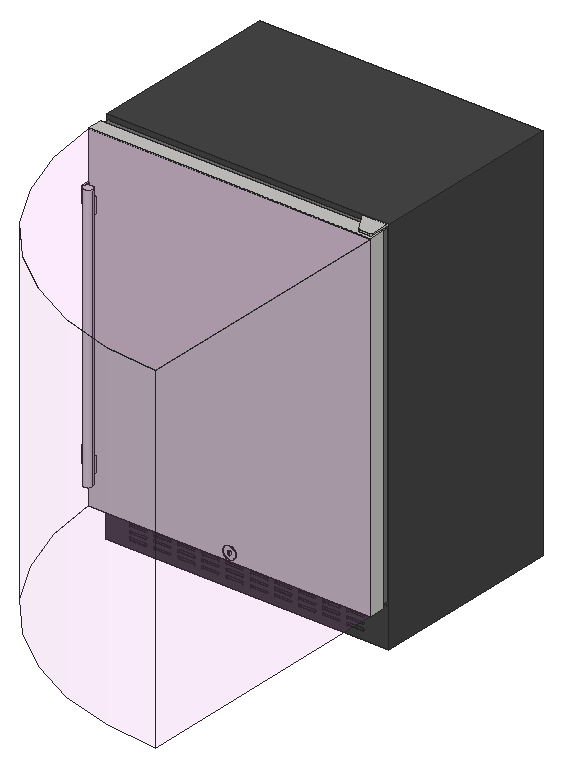
Revit family "QF_Summit_ASDS2413_ADA_Compliant_All_Refrigerator", category Specialty Equipment, Revit 2020
Family settings
  Round Connector Dimension = Use Diameter
  Part Type = Normal
  Work Plane-Based = No
  Always vertical = Yes
  Cut with Voids When Loaded = No
  Shared = No
  Room Calculation Point = No
Parameters
  Weight in Pounds = 79
  Watts = if(Phase = 3, Volts * FL Amps * 1.73, Volts * FL Amps)  # 115 W
  Volts = 115 V
  URL Cutsheet = ""
  Specification by User = ""
  Specification by Manufacturer = ""
  Show RHD [instance] = yes
  Show LHD [instance] = not(Show RHD)  # no
  Show Kickplate Extension [instance] = no
  Show Feet [instance] = not(Show Kickplate Extension)  # yes
  Show Clearance [instance] = yes
  Serial Number = ""
  Seismic Rating = ""
  SMACNA No = ""
  Revision Code = ""
  Phase = 1
  Number of Poles = 1
  NAFEM Spec ID Number = ""
  Model = "ASDS2413"
  Min Ckt Ampacity = 0 A
  Max Overcurrent Protection = 0 A
  Masterspec = ""
  Manufacturer = "Summit"
  Length = 23 3/8"
  Item Number = ""
  Installed By = ""
  Identify Quantity as Lot = yes
  Height = 32"
  HP = ""
  Furnished By = ""
  Foodservice Equipment Identifier = yes
  FL Amps = 1 A
  Electrical Remarks = ""
  Electric Connection Type = ""
  Elec Conn RI Height = 0"
  Elec Conn Connection Height = 0"
  Description = "ADA Compliant All-Refrigerator"
  Depth = 17 3/4"
  Default Elevation = 0"
  Cycle = 60 Hz
  Conn Plug = ""
  Conn Conduit = yes
  CSI MasterFormat = ""
  Base Height [instance] = if(Show Feet, 1/2", if(Show Kickplate Extension, 2", 1/2"))  # 1/2"
  Apparent Power = if(Phase = 3, Volts * FL Amps * 1.73, Volts * FL Amps)  # 115 VA
Reference planes (in)
  plane 1 "BACK": y = 0
  plane 2: z = 0
  plane 3 "LEFT": x = 0
  plane 4 "RIGHT": x = 23.375
  plane 5 "FRONT": y = -17.75
  plane 6 "TOP": z = 32
  plane 7 "Center Y": x = 11.6875
  plane 8 "Center X": y = -8.875
  plane 9 "Base Height": z = 0.5
  plane 10: y = -40
  plane 11: y = -15.875
  plane 12: y = -19.75
  plane 13: z = 3.75
  plane 14: y = -16.5
Forms (in)
  Extrusion 1, solid, material "QF_Metal_Black"
    sketch origin (0, 0, 0.5) x (-1, 0, 0) y (0, -1, 0)
      loop
        line (0, 0) -> (0, 15.875) -> (-23.375, 15.875) -> (-23.375, 0) -> (0, 0)
    from 0 to 31.5
  Extrusion 2, solid, material "QF_Metal - Stainless - Polished"
    sketch origin (23.375, -15.875, 0.5) x (-1, 0, 0) y (0, 0, -1)
      loop
        line (23.375, -31.3125) -> (23.375, -3.25) -> (0, -3.25) -> (0, -31.3125) -> (23.375, -31.3125)
    from 0.625 to 1.875
  Extrusion 3, solid, material "QF_Rubber - Black - Smooth"
    sketch origin (23.375, -15.875, 0.5) x (-1, 0, 0) y (0, 0, -1)
      loop
        line (23.1875, -3.4375) -> (0.1875, -3.4375) -> (0.1875, -31.125) -> (23.1875, -31.125) -> (23.1875, -3.4375)
    from 0 to 0.625
  Extrusion 4, solid, material "QF_Metal - Stainless - Polished", visible <- "Show RHD"
    sketch origin (0, 0, 32) x (-1, 0, 0) y (0, -1, 0)
      loop
        line (-21.17783, 15.875) -> (-22.21339, 17.50301)
        arc (-22.21339, 17.50301) -> (-22.25887, 17.54662) -> (-22.31985, 17.5625) r 0.125
        line (-22.31985, 17.5625) -> (-23.125, 17.5625)
        arc (-23.125, 17.5625) -> (-23.21339, 17.52589) -> (-23.25, 17.4375) r 0.125
        line (-23.25, 17.4375) -> (-23.25, 15.875) -> (-21.17783, 15.875)
    from 0 to -0.125
  Extrusion 5, solid, material "QF_Metal - Stainless - Polished"
    sketch origin (27.75, -17.75, 0.5) x (-1, 0, 0) y (0, 0, -1)
      loop
        circle (16.0625, -3.885) r 0.5
      loop
        arc (16.08679, -4.07097) -> (16.25011, -3.88507) -> (16.08679, -3.69917) r 0.18746
        line (16.08679, -3.69917) -> (16.08679, -4.07097)
      loop
        line (16.03731, -4.07069) -> (16.03731, -3.69923)
        arc (16.03731, -3.69923) -> (15.8752, -3.88496) -> (16.03731, -4.07069) r 0.18745
    from -0.0625 to 0
  Extrusion 6, solid, material "QF_Rubber - Black - Smooth"
    sketch origin (0, 0, 0.5) x (1, 0, 0) y (0, 0, -1)
      loop
        circle (20.375, -1.80244) r 0.25
    from 0 to 0.0625
  Revolve 7, solid, material "QF_Metal - Stainless - Polished", visible <- "Show Feet"
    sketch origin (0.26375, -1.6875, 0) x (1, 0, 0) y (0, 0, 1)
      loop
        line (21.67311, 0.5) -> (21.48561, 0.5) -> (21.48561, 0.375) -> (21.10713, 0.375)
        arc (21.10713, 0.375) -> (21.06898, 0.35732) -> (21.05781, 0.31678) r 0.05
        line (21.05781, 0.31678) -> (21.10365, 0.04178)
        arc (21.10365, 0.04178) -> (21.12065, 0.01185) -> (21.15297, 0) r 0.05
        line (21.15297, 0) -> (21.67311, 0) -> (21.67311, 0.5)
      axis (21.67311, 0) -> (21.67311, 0.5)
    angle from 0 to 360
  Revolve 8, solid, material "QF_Metal - Stainless - Polished", visible <- "Show Feet"
    sketch origin (0.26375, -14.3125, 0) x (1, 0, 0) y (0, 0, 1)
      loop
        line (21.67311, 0.5) -> (21.48561, 0.5) -> (21.48561, 0.375) -> (21.10713, 0.375)
        arc (21.10713, 0.375) -> (21.06898, 0.35732) -> (21.05781, 0.31678) r 0.05
        line (21.05781, 0.31678) -> (21.10365, 0.04178)
        arc (21.10365, 0.04178) -> (21.12065, 0.01185) -> (21.15297, 0) r 0.05
        line (21.15297, 0) -> (21.67311, 0) -> (21.67311, 0.5)
      axis (21.67311, 0) -> (21.67311, 0.5)
    angle from 0 to 360
  Revolve 9, solid, material "QF_Metal - Stainless - Polished", visible <- "Show Feet"
    sketch origin (-11.61061, -1.6875, 0) x (1, 0, 0) y (0, 0, 1)
      loop
        line (13.04811, 0.5) -> (12.86061, 0.5) -> (12.86061, 0.375) -> (12.48213, 0.375)
        arc (12.48213, 0.375) -> (12.44398, 0.35732) -> (12.43281, 0.31678) r 0.05
        line (12.43281, 0.31678) -> (12.47865, 0.04178)
        arc (12.47865, 0.04178) -> (12.49565, 0.01185) -> (12.52797, 0) r 0.05
        line (12.52797, 0) -> (13.04811, 0) -> (13.04811, 0.5)
      axis (13.04811, 0) -> (13.04811, 0.5)
    angle from 0 to 360
  Revolve 10, solid, material "QF_Metal - Stainless - Polished", visible <- "Show Feet"
    sketch origin (-11.61061, -14.3125, 0) x (1, 0, 0) y (0, 0, 1)
      loop
        line (13.04811, 0.5) -> (12.86061, 0.5) -> (12.86061, 0.375) -> (12.48213, 0.375)
        arc (12.48213, 0.375) -> (12.44398, 0.35732) -> (12.43281, 0.31678) r 0.05
        line (12.43281, 0.31678) -> (12.47865, 0.04178)
        arc (12.47865, 0.04178) -> (12.49565, 0.01185) -> (12.52797, 0) r 0.05
        line (12.52797, 0) -> (13.04811, 0) -> (13.04811, 0.5)
      axis (13.04811, 0) -> (13.04811, 0.5)
    angle from 0 to 360
  Extrusion 11, solid, material "QF_Clearances_Door_Drawer", visible <- "Show RHD"
    sketch origin (0, 0, 0.5) x (-1, 0, 0) y (0, -1, 0)
      loop
        arc (-0.01397, 17.75) -> (-7.21692, 33.57611) -> (-23.375, 39.99987) r 23.28521
        line (-23.375, 39.99987) -> (-23.375, 17.75) -> (-0.01397, 17.75)
    from 3.25 to 31.25
  Extrusion 12, solid, material "QF_Metal_Black"
    sketch origin (23.375, -15.875, 0.5) x (-1, 0, 0) y (0, 0, -1)
      loop
        line (23.375, -3.25) -> (23.375, 0) -> (0, 0) -> (0, -3.25) -> (23.375, -3.25)
      loop
        arc (2.0625, -2.625) -> (1.9375, -2.75) -> (2.0625, -2.875) r 0.125
        line (2.0625, -2.875) -> (3.3125, -2.875)
        arc (3.3125, -2.875) -> (3.4375, -2.75) -> (3.3125, -2.625) r 0.125
        line (3.3125, -2.625) -> (2.0625, -2.625)
      loop
        arc (2.0625, -2.125) -> (1.9375, -2.25) -> (2.0625, -2.375) r 0.125
        line (2.0625, -2.375) -> (3.3125, -2.375)
        arc (3.3125, -2.375) -> (3.4375, -2.25) -> (3.3125, -2.125) r 0.125
        line (3.3125, -2.125) -> (2.0625, -2.125)
      loop
        arc (2.0625, -1.625) -> (1.9375, -1.75) -> (2.0625, -1.875) r 0.125
        line (2.0625, -1.875) -> (3.3125, -1.875)
        arc (3.3125, -1.875) -> (3.4375, -1.75) -> (3.3125, -1.625) r 0.125
        line (3.3125, -1.625) -> (2.0625, -1.625)
      loop
        arc (2.0625, -1.125) -> (1.9375, -1.25) -> (2.0625, -1.375) r 0.125
        line (2.0625, -1.375) -> (3.3125, -1.375)
        arc (3.3125, -1.375) -> (3.4375, -1.25) -> (3.3125, -1.125) r 0.125
        line (3.3125, -1.125) -> (2.0625, -1.125)
      loop
        arc (2.0625, -0.625) -> (1.9375, -0.75) -> (2.0625, -0.875) r 0.125
        line (2.0625, -0.875) -> (3.3125, -0.875)
        arc (3.3125, -0.875) -> (3.4375, -0.75) -> (3.3125, -0.625) r 0.125
        line (3.3125, -0.625) -> (2.0625, -0.625)
      loop
        arc (4.0625, -2.625) -> (3.9375, -2.75) -> (4.0625, -2.875) r 0.125
        line (4.0625, -2.875) -> (5.3125, -2.875)
        arc (5.3125, -2.875) -> (5.4375, -2.75) -> (5.3125, -2.625) r 0.125
        line (5.3125, -2.625) -> (4.0625, -2.625)
      loop
        arc (4.0625, -2.125) -> (3.9375, -2.25) -> (4.0625, -2.375) r 0.125
        line (4.0625, -2.375) -> (5.3125, -2.375)
        arc (5.3125, -2.375) -> (5.4375, -2.25) -> (5.3125, -2.125) r 0.125
        line (5.3125, -2.125) -> (4.0625, -2.125)
      loop
        arc (4.0625, -1.625) -> (3.9375, -1.75) -> (4.0625, -1.875) r 0.125
        line (4.0625, -1.875) -> (5.3125, -1.875)
        arc (5.3125, -1.875) -> (5.4375, -1.75) -> (5.3125, -1.625) r 0.125
        line (5.3125, -1.625) -> (4.0625, -1.625)
      loop
        arc (4.0625, -1.125) -> (3.9375, -1.25) -> (4.0625, -1.375) r 0.125
        line (4.0625, -1.375) -> (5.3125, -1.375)
        arc (5.3125, -1.375) -> (5.4375, -1.25) -> (5.3125, -1.125) r 0.125
        line (5.3125, -1.125) -> (4.0625, -1.125)
      loop
        arc (4.0625, -0.625) -> (3.9375, -0.75) -> (4.0625, -0.875) r 0.125
        line (4.0625, -0.875) -> (5.3125, -0.875)
        arc (5.3125, -0.875) -> (5.4375, -0.75) -> (5.3125, -0.625) r 0.125
        line (5.3125, -0.625) -> (4.0625, -0.625)
      loop
        arc (6.0625, -2.625) -> (5.9375, -2.75) -> (6.0625, -2.875) r 0.125
        line (6.0625, -2.875) -> (7.3125, -2.875)
        arc (7.3125, -2.875) -> (7.4375, -2.75) -> (7.3125, -2.625) r 0.125
        line (7.3125, -2.625) -> (6.0625, -2.625)
      loop
        arc (6.0625, -2.125) -> (5.9375, -2.25) -> (6.0625, -2.375) r 0.125
        line (6.0625, -2.375) -> (7.3125, -2.375)
        arc (7.3125, -2.375) -> (7.4375, -2.25) -> (7.3125, -2.125) r 0.125
        line (7.3125, -2.125) -> (6.0625, -2.125)
      loop
        arc (6.0625, -1.625) -> (5.9375, -1.75) -> (6.0625, -1.875) r 0.125
        line (6.0625, -1.875) -> (7.3125, -1.875)
        arc (7.3125, -1.875) -> (7.4375, -1.75) -> (7.3125, -1.625) r 0.125
        line (7.3125, -1.625) -> (6.0625, -1.625)
      loop
        arc (6.0625, -1.125) -> (5.9375, -1.25) -> (6.0625, -1.375) r 0.125
        line (6.0625, -1.375) -> (7.3125, -1.375)
        arc (7.3125, -1.375) -> (7.4375, -1.25) -> (7.3125, -1.125) r 0.125
        line (7.3125, -1.125) -> (6.0625, -1.125)
      loop
        arc (6.0625, -0.625) -> (5.9375, -0.75) -> (6.0625, -0.875) r 0.125
        line (6.0625, -0.875) -> (7.3125, -0.875)
        arc (7.3125, -0.875) -> (7.4375, -0.75) -> (7.3125, -0.625) r 0.125
        line (7.3125, -0.625) -> (6.0625, -0.625)
      loop
        arc (8.0625, -2.625) -> (7.9375, -2.75) -> (8.0625, -2.875) r 0.125
        line (8.0625, -2.875) -> (9.3125, -2.875)
        arc (9.3125, -2.875) -> (9.4375, -2.75) -> (9.3125, -2.625) r 0.125
        line (9.3125, -2.625) -> (8.0625, -2.625)
      loop
        arc (8.0625, -2.125) -> (7.9375, -2.25) -> (8.0625, -2.375) r 0.125
        line (8.0625, -2.375) -> (9.3125, -2.375)
        arc (9.3125, -2.375) -> (9.4375, -2.25) -> (9.3125, -2.125) r 0.125
        line (9.3125, -2.125) -> (8.0625, -2.125)
      loop
        arc (8.0625, -1.625) -> (7.9375, -1.75) -> (8.0625, -1.875) r 0.125
        line (8.0625, -1.875) -> (9.3125, -1.875)
        arc (9.3125, -1.875) -> (9.4375, -1.75) -> (9.3125, -1.625) r 0.125
        line (9.3125, -1.625) -> (8.0625, -1.625)
      loop
        arc (8.0625, -1.125) -> (7.9375, -1.25) -> (8.0625, -1.375) r 0.125
        line (8.0625, -1.375) -> (9.3125, -1.375)
        arc (9.3125, -1.375) -> (9.4375, -1.25) -> (9.3125, -1.125) r 0.125
        line (9.3125, -1.125) -> (8.0625, -1.125)
      loop
        arc (8.0625, -0.625) -> (7.9375, -0.75) -> (8.0625, -0.875) r 0.125
        line (8.0625, -0.875) -> (9.3125, -0.875)
        arc (9.3125, -0.875) -> (9.4375, -0.75) -> (9.3125, -0.625) r 0.125
        line (9.3125, -0.625) -> (8.0625, -0.625)
      loop
        arc (10.0625, -2.625) -> (9.9375, -2.75) -> (10.0625, -2.875) r 0.125
        line (10.0625, -2.875) -> (11.3125, -2.875)
        arc (11.3125, -2.875) -> (11.4375, -2.75) -> (11.3125, -2.625) r 0.125
        line (11.3125, -2.625) -> (10.0625, -2.625)
      loop
        arc (10.0625, -2.125) -> (9.9375, -2.25) -> (10.0625, -2.375) r 0.125
        line (10.0625, -2.375) -> (11.3125, -2.375)
        arc (11.3125, -2.375) -> (11.4375, -2.25) -> (11.3125, -2.125) r 0.125
        line (11.3125, -2.125) -> (10.0625, -2.125)
      loop
        arc (10.0625, -1.625) -> (9.9375, -1.75) -> (10.0625, -1.875) r 0.125
        line (10.0625, -1.875) -> (11.3125, -1.875)
        arc (11.3125, -1.875) -> (11.4375, -1.75) -> (11.3125, -1.625) r 0.125
        line (11.3125, -1.625) -> (10.0625, -1.625)
      loop
        arc (10.0625, -1.125) -> (9.9375, -1.25) -> (10.0625, -1.375) r 0.125
        line (10.0625, -1.375) -> (11.3125, -1.375)
        arc (11.3125, -1.375) -> (11.4375, -1.25) -> (11.3125, -1.125) r 0.125
        line (11.3125, -1.125) -> (10.0625, -1.125)
      loop
        arc (10.0625, -0.625) -> (9.9375, -0.75) -> (10.0625, -0.875) r 0.125
        line (10.0625, -0.875) -> (11.3125, -0.875)
        arc (11.3125, -0.875) -> (11.4375, -0.75) -> (11.3125, -0.625) r 0.125
        line (11.3125, -0.625) -> (10.0625, -0.625)
      loop
        arc (12.0625, -2.625) -> (11.9375, -2.75) -> (12.0625, -2.875) r 0.125
        line (12.0625, -2.875) -> (13.3125, -2.875)
        arc (13.3125, -2.875) -> (13.4375, -2.75) -> (13.3125, -2.625) r 0.125
        line (13.3125, -2.625) -> (12.0625, -2.625)
      loop
        arc (12.0625, -2.125) -> (11.9375, -2.25) -> (12.0625, -2.375) r 0.125
        line (12.0625, -2.375) -> (13.3125, -2.375)
        arc (13.3125, -2.375) -> (13.4375, -2.25) -> (13.3125, -2.125) r 0.125
        line (13.3125, -2.125) -> (12.0625, -2.125)
      loop
        arc (12.0625, -1.625) -> (11.9375, -1.75) -> (12.0625, -1.875) r 0.125
        line (12.0625, -1.875) -> (13.3125, -1.875)
        arc (13.3125, -1.875) -> (13.4375, -1.75) -> (13.3125, -1.625) r 0.125
        line (13.3125, -1.625) -> (12.0625, -1.625)
      loop
        arc (12.0625, -1.125) -> (11.9375, -1.25) -> (12.0625, -1.375) r 0.125
        line (12.0625, -1.375) -> (13.3125, -1.375)
        arc (13.3125, -1.375) -> (13.4375, -1.25) -> (13.3125, -1.125) r 0.125
        line (13.3125, -1.125) -> (12.0625, -1.125)
      loop
        arc (12.0625, -0.625) -> (11.9375, -0.75) -> (12.0625, -0.875) r 0.125
        line (12.0625, -0.875) -> (13.3125, -0.875)
        arc (13.3125, -0.875) -> (13.4375, -0.75) -> (13.3125, -0.625) r 0.125
        line (13.3125, -0.625) -> (12.0625, -0.625)
      loop
        arc (14.0625, -2.625) -> (13.9375, -2.75) -> (14.0625, -2.875) r 0.125
        line (14.0625, -2.875) -> (15.3125, -2.875)
        arc (15.3125, -2.875) -> (15.4375, -2.75) -> (15.3125, -2.625) r 0.125
        line (15.3125, -2.625) -> (14.0625, -2.625)
      loop
        arc (14.0625, -2.125) -> (13.9375, -2.25) -> (14.0625, -2.375) r 0.125
        line (14.0625, -2.375) -> (15.3125, -2.375)
        arc (15.3125, -2.375) -> (15.4375, -2.25) -> (15.3125, -2.125) r 0.125
        line (15.3125, -2.125) -> (14.0625, -2.125)
      loop
        arc (14.0625, -1.625) -> (13.9375, -1.75) -> (14.0625, -1.875) r 0.125
        line (14.0625, -1.875) -> (15.3125, -1.875)
        arc (15.3125, -1.875) -> (15.4375, -1.75) -> (15.3125, -1.625) r 0.125
        line (15.3125, -1.625) -> (14.0625, -1.625)
      loop
        arc (14.0625, -1.125) -> (13.9375, -1.25) -> (14.0625, -1.375) r 0.125
        line (14.0625, -1.375) -> (15.3125, -1.375)
        arc (15.3125, -1.375) -> (15.4375, -1.25) -> (15.3125, -1.125) r 0.125
        line (15.3125, -1.125) -> (14.0625, -1.125)
      loop
        arc (14.0625, -0.625) -> (13.9375, -0.75) -> (14.0625, -0.875) r 0.125
        line (14.0625, -0.875) -> (15.3125, -0.875)
        arc (15.3125, -0.875) -> (15.4375, -0.75) -> (15.3125, -0.625) r 0.125
        line (15.3125, -0.625) -> (14.0625, -0.625)
      loop
        arc (16.0625, -2.625) -> (15.9375, -2.75) -> (16.0625, -2.875) r 0.125
        line (16.0625, -2.875) -> (17.3125, -2.875)
        arc (17.3125, -2.875) -> (17.4375, -2.75) -> (17.3125, -2.625) r 0.125
        line (17.3125, -2.625) -> (16.0625, -2.625)
      loop
        arc (16.0625, -2.125) -> (15.9375, -2.25) -> (16.0625, -2.375) r 0.125
        line (16.0625, -2.375) -> (17.3125, -2.375)
        arc (17.3125, -2.375) -> (17.4375, -2.25) -> (17.3125, -2.125) r 0.125
        line (17.3125, -2.125) -> (16.0625, -2.125)
      loop
        arc (16.0625, -1.625) -> (15.9375, -1.75) -> (16.0625, -1.875) r 0.125
        line (16.0625, -1.875) -> (17.3125, -1.875)
        arc (17.3125, -1.875) -> (17.4375, -1.75) -> (17.3125, -1.625) r 0.125
        line (17.3125, -1.625) -> (16.0625, -1.625)
      loop
        arc (16.0625, -1.125) -> (15.9375, -1.25) -> (16.0625, -1.375) r 0.125
        line (16.0625, -1.375) -> (17.3125, -1.375)
        arc (17.3125, -1.375) -> (17.4375, -1.25) -> (17.3125, -1.125) r 0.125
        line (17.3125, -1.125) -> (16.0625, -1.125)
      loop
        arc (16.0625, -0.625) -> (15.9375, -0.75) -> (16.0625, -0.875) r 0.125
        line (16.0625, -0.875) -> (17.3125, -0.875)
        arc (17.3125, -0.875) -> (17.4375, -0.75) -> (17.3125, -0.625) r 0.125
        line (17.3125, -0.625) -> (16.0625, -0.625)
      loop
        arc (18.0625, -2.625) -> (17.9375, -2.75) -> (18.0625, -2.875) r 0.125
        line (18.0625, -2.875) -> (19.3125, -2.875)
        arc (19.3125, -2.875) -> (19.4375, -2.75) -> (19.3125, -2.625) r 0.125
        line (19.3125, -2.625) -> (18.0625, -2.625)
      loop
        arc (18.0625, -2.125) -> (17.9375, -2.25) -> (18.0625, -2.375) r 0.125
        line (18.0625, -2.375) -> (19.3125, -2.375)
        arc (19.3125, -2.375) -> (19.4375, -2.25) -> (19.3125, -2.125) r 0.125
        line (19.3125, -2.125) -> (18.0625, -2.125)
      loop
        arc (18.0625, -1.625) -> (17.9375, -1.75) -> (18.0625, -1.875) r 0.125
        line (18.0625, -1.875) -> (19.3125, -1.875)
        arc (19.3125, -1.875) -> (19.4375, -1.75) -> (19.3125, -1.625) r 0.125
        line (19.3125, -1.625) -> (18.0625, -1.625)
      loop
        arc (18.0625, -1.125) -> (17.9375, -1.25) -> (18.0625, -1.375) r 0.125
        line (18.0625, -1.375) -> (19.3125, -1.375)
        arc (19.3125, -1.375) -> (19.4375, -1.25) -> (19.3125, -1.125) r 0.125
        line (19.3125, -1.125) -> (18.0625, -1.125)
      loop
        arc (18.0625, -0.625) -> (17.9375, -0.75) -> (18.0625, -0.875) r 0.125
        line (18.0625, -0.875) -> (19.3125, -0.875)
        arc (19.3125, -0.875) -> (19.4375, -0.75) -> (19.3125, -0.625) r 0.125
        line (19.3125, -0.625) -> (18.0625, -0.625)
      loop
        arc (20.0625, -2.625) -> (19.9375, -2.75) -> (20.0625, -2.875) r 0.125
        line (20.0625, -2.875) -> (21.3125, -2.875)
        arc (21.3125, -2.875) -> (21.4375, -2.75) -> (21.3125, -2.625) r 0.125
        line (21.3125, -2.625) -> (20.0625, -2.625)
      loop
        arc (20.0625, -2.125) -> (19.9375, -2.25) -> (20.0625, -2.375) r 0.125
        line (20.0625, -2.375) -> (21.3125, -2.375)
        arc (21.3125, -2.375) -> (21.4375, -2.25) -> (21.3125, -2.125) r 0.125
        line (21.3125, -2.125) -> (20.0625, -2.125)
      loop
        arc (20.0625, -1.625) -> (19.9375, -1.75) -> (20.0625, -1.875) r 0.125
        line (20.0625, -1.875) -> (21.3125, -1.875)
        arc (21.3125, -1.875) -> (21.4375, -1.75) -> (21.3125, -1.625) r 0.125
        line (21.3125, -1.625) -> (20.0625, -1.625)
      loop
        arc (20.0625, -1.125) -> (19.9375, -1.25) -> (20.0625, -1.375) r 0.125
        line (20.0625, -1.375) -> (21.3125, -1.375)
        arc (21.3125, -1.375) -> (21.4375, -1.25) -> (21.3125, -1.125) r 0.125
        line (21.3125, -1.125) -> (20.0625, -1.125)
      loop
        arc (20.0625, -0.625) -> (19.9375, -0.75) -> (20.0625, -0.875) r 0.125
        line (20.0625, -0.875) -> (21.3125, -0.875)
        arc (21.3125, -0.875) -> (21.4375, -0.75) -> (21.3125, -0.625) r 0.125
        line (21.3125, -0.625) -> (20.0625, -0.625)
    from 0 to 0.0625
  Extrusion 13, solid, material "QF_Metal - Stainless - Polished"
    sketch origin (0.125, 0, 31.875) x (0, -1, 0) y (-1, 0, 0)
      loop
        circle (17.0625, -22.8125) r 0.10936
    from 0 to 0.0625
  Extrusion 14, void
    sketch origin (23.375, -17.75, 0.5) x (-1, 0, 0) y (0, 0, -1)
      loop
        circle (11.6875, -3.88646) r 0.5625
    from 0.25 to -0.0625
  Extrusion 15, solid, material "QF_Metal - Stainless - Polished", visible <- "Show RHD"
    sketch origin (0, 0, 0.5) x (-1, 0, 0) y (0, -1, 0)
      loop
        circle (-1.25, 19.375) r 0.375
    from 6 to 28
  Extrusion 16, solid, material "QF_Metal - Stainless - Polished", visible <- "Show RHD"
    sketch origin (0, 0, 0.5) x (-1, 0, 0) y (0, -1, 0)
      loop
        line (-1.5, 19.09549) -> (-1.5, 18.94199)
        arc (-1.5, 18.94199) -> (-1.37941, 18.89204) -> (-1.25, 18.875) r 0.5
        arc (-1.25, 18.875) -> (-1.12181, 18.89171) -> (-1.00219, 18.94073) r 0.5
        arc (-1.00219, 18.94073) -> (-0.94801, 18.95377) -> (-0.89527, 18.93579) r 0.1
        line (-0.89527, 18.93579) -> (-0.04264, 18.33878)
        arc (-0.04264, 18.33878) -> (-0.0113, 18.30304) -> (0, 18.25686) r 0.1
        line (0, 18.25686) -> (0, 17.25686) -> (0.125, 17.25686) -> (0.125, 18.32193)
        arc (0.125, 18.32193) -> (0.1137, 18.36811) -> (0.08236, 18.40385) r 0.1
        line (0.08236, 18.40385) -> (-0.96185, 19.13501)
        arc (-0.96185, 19.13501) -> (-1.22254, 19.00101) -> (-1.5, 19.09549) r 0.375
    from 26 to 27.25
  Extrusion 17, solid, material "QF_Metal - Stainless - Polished", visible <- "Show RHD"
    sketch origin (0, 0, 0.5) x (-1, 0, 0) y (0, -1, 0)
      loop
        line (-1.5, 19.09549) -> (-1.5, 18.94199)
        arc (-1.5, 18.94199) -> (-1.37941, 18.89204) -> (-1.25, 18.875) r 0.5
        arc (-1.25, 18.875) -> (-1.12181, 18.89171) -> (-1.00219, 18.94073) r 0.5
        arc (-1.00219, 18.94073) -> (-0.94801, 18.95377) -> (-0.89527, 18.93579) r 0.1
        line (-0.89527, 18.93579) -> (-0.04264, 18.33878)
        arc (-0.04264, 18.33878) -> (-0.0113, 18.30304) -> (0, 18.25686) r 0.1
        line (0, 18.25686) -> (0, 17.25686) -> (0.125, 17.25686) -> (0.125, 18.32193)
        arc (0.125, 18.32193) -> (0.1137, 18.36811) -> (0.08236, 18.40385) r 0.1
        line (0.08236, 18.40385) -> (-0.96185, 19.13501)
        arc (-0.96185, 19.13501) -> (-1.22254, 19.00101) -> (-1.5, 19.09549) r 0.375
    from 6.75 to 8
  Extrusion 18, solid, material "QF_Clearances_Door_Drawer", visible <- "Show LHD"
    sketch origin (23.375, 0, 0.5) x (1, 0, 0) y (0, 1, 0)
      loop
        line (-0.01397, -17.75) -> (-23.375, -17.75) -> (-23.375, -39.99987)
        arc (-23.375, -39.99987) -> (-7.21692, -33.57611) -> (-0.01397, -17.75) r 23.28521
    from 3.25 to 31.25
  Extrusion 19, solid, material "QF_Metal - Stainless - Polished", visible <- "Show LHD"
    sketch origin (23.375, 0, 0.5) x (1, 0, 0) y (0, 1, 0)
      loop
        circle (-1.25, -19.375) r 0.375
    from 6 to 28
  Extrusion 20, solid, material "QF_Metal - Stainless - Polished", visible <- "Show LHD"
    sketch origin (23.375, 0, 0.5) x (1, 0, 0) y (0, 1, 0)
      loop
        arc (-1.5, -19.09549) -> (-1.22254, -19.00101) -> (-0.96185, -19.13501) r 0.375
        line (-0.96185, -19.13501) -> (0.08236, -18.40385)
        arc (0.08236, -18.40385) -> (0.1137, -18.36811) -> (0.125, -18.32193) r 0.1
        line (0.125, -18.32193) -> (0.125, -17.25686) -> (0, -17.25686) -> (0, -18.25686)
        arc (0, -18.25686) -> (-0.0113, -18.30304) -> (-0.04264, -18.33878) r 0.1
        line (-0.04264, -18.33878) -> (-0.89527, -18.93579)
        arc (-0.89527, -18.93579) -> (-0.94801, -18.95377) -> (-1.00219, -18.94073) r 0.1
        arc (-1.00219, -18.94073) -> (-1.12181, -18.89171) -> (-1.25, -18.875) r 0.5
        arc (-1.25, -18.875) -> (-1.37941, -18.89204) -> (-1.5, -18.94199) r 0.5
        line (-1.5, -18.94199) -> (-1.5, -19.09549)
    from 26 to 27.25
  Extrusion 21, solid, material "QF_Metal - Stainless - Polished", visible <- "Show LHD"
    sketch origin (23.375, 0, 0.5) x (1, 0, 0) y (0, 1, 0)
      loop
        arc (-1.5, -19.09549) -> (-1.22254, -19.00101) -> (-0.96185, -19.13501) r 0.375
        line (-0.96185, -19.13501) -> (0.08236, -18.40385)
        arc (0.08236, -18.40385) -> (0.1137, -18.36811) -> (0.125, -18.32193) r 0.1
        line (0.125, -18.32193) -> (0.125, -17.25686) -> (0, -17.25686) -> (0, -18.25686)
        arc (0, -18.25686) -> (-0.0113, -18.30304) -> (-0.04264, -18.33878) r 0.1
        line (-0.04264, -18.33878) -> (-0.89527, -18.93579)
        arc (-0.89527, -18.93579) -> (-0.94801, -18.95377) -> (-1.00219, -18.94073) r 0.1
        arc (-1.00219, -18.94073) -> (-1.12181, -18.89171) -> (-1.25, -18.875) r 0.5
        arc (-1.25, -18.875) -> (-1.37941, -18.89204) -> (-1.5, -18.94199) r 0.5
        line (-1.5, -18.94199) -> (-1.5, -19.09549)
    from 6.75 to 8
  Extrusion 22, solid, material "QF_Metal - Stainless - Polished", visible <- "Show LHD"
    sketch origin (23.375, 0, 32) x (1, 0, 0) y (0, 1, 0)
      loop
        line (-21.17783, -15.875) -> (-23.25, -15.875) -> (-23.25, -17.4375)
        arc (-23.25, -17.4375) -> (-23.21339, -17.52589) -> (-23.125, -17.5625) r 0.125
        line (-23.125, -17.5625) -> (-22.31985, -17.5625)
        arc (-22.31985, -17.5625) -> (-22.25887, -17.54662) -> (-22.21339, -17.50301) r 0.125
        line (-22.21339, -17.50301) -> (-21.17783, -15.875)
    from 0 to -0.125
Cuts and joins
  joined: Extrusion 1, Extrusion 12
  Extrusion 14 cuts Extrusion 2
Lines and regions (in)
  symbolic lines
    curve 1: line (0, 0, 0.5) -> (23.375, 0, 0.5)
    curve 2: line (0, -15.875, 0.5) -> (0, 0, 0.5)
    curve 3: line (23.375, -15.875, 0.5) -> (0, -15.875, 0.5)
    curve 4: line (23.375, 0, 0.5) -> (23.375, -15.875, 0.5)
  symbolic lines, visible <- "Show RHD"
    curve 5: line (0, -16.5, 0.5) -> (21.57539, -16.5, 0.5)
    curve 6: line (0, -18.25686, 0.5) -> (0, -16.5, 0.5)
    curve 7: line (23.375, -17.75, 0.5) -> (0, -17.75, 0.5)
    curve 8: line (0.1875, -15.875, 0.5) -> (0.1875, -16.5, 0.5)
    curve 11: line (23.25, -17.4375, 0.5) -> (23.25, -15.875, 0.5)
    curve 12: line (21.17783, -15.875, 0.5) -> (22.21339, -17.50301, 0.5)
    curve 13: arc (22.21339, -17.50301, 0.5) -> (22.25887, -17.54662, 0.5) -> (22.31985, -17.5625, 0.5) r 0.125
    curve 14: line (22.31985, -17.5625, 0.5) -> (23.125, -17.5625, 0.5)
    curve 15: arc (23.125, -17.5625, 0.5) -> (23.21339, -17.52589, 0.5) -> (23.25, -17.4375, 0.5) r 0.125
    curve 16: line (23.375, -16.49976, 0.5) -> (23.375, -17.75, 0.5)
    curve 17: arc (0.875, -19.375, 0.5) -> (1.25, -19.75, 0.5) -> (1.625, -19.375, 0.5) r 0.375
    curve 18: arc (1.625, -19.375, 0.5) -> (1.25, -19, 0.5) -> (0.875, -19.375, 0.5) r 0.375
    curve 19: line (-0.08236, -18.40385, 0.5) -> (0.96185, -19.13501, 0.5)
    curve 20: arc (-0.125, -18.32193, 0.5) -> (-0.1137, -18.36811, 0.5) -> (-0.08236, -18.40385, 0.5) r 0.1
    curve 21: line (-0.125, -17.25686, 0.5) -> (-0.125, -18.32193, 0.5)
    curve 22: line (-0.125, -17.25686, 0.5) -> (0, -17.25686, 0.5)
    curve 23: arc (0.04264, -18.33878, 0.5) -> (0.0113, -18.30304, 0.5) -> (0, -18.25686, 0.5) r 0.1
    curve 24: line (0.89527, -18.93579, 0.5) -> (0.04264, -18.33878, 0.5)
    curve 25: arc (1.00219, -18.94073, 0.5) -> (0.94801, -18.95377, 0.5) -> (0.89527, -18.93579, 0.5) r 0.1
    curve 26: arc (1.25, -18.875, 0.5) -> (1.12181, -18.89171, 0.5) -> (1.00219, -18.94073, 0.5) r 0.5
    curve 27: arc (1.5, -18.94199, 0.5) -> (1.37941, -18.89204, 0.5) -> (1.25, -18.875, 0.5) r 0.5
    curve 28: line (1.5, -19.09549, 0.5) -> (1.5, -18.94199, 0.5)
    curve 29: line (23.375, -16.49976, 0.5) -> (23.25, -16.49976, 0.5)
  symbolic lines, style "QF_Clearances_Door_Drawer", visible <- "Show RHD"
    curve 9: arc (0.01397, -17.75, 0.5) -> (1.06109, -23.69282, 0.5) -> (3.60016, -29.16701, 0.5) r 23.28521
    curve 10: line (23.375, -17.75, 0.5) -> (3.60016, -29.16701, 0.5)
  symbolic lines, visible <- "Show LHD"
    curve 30: line (23.375, -16.5, 0.5) -> (1.79961, -16.5, 0.5)
    curve 31: line (23.375, -18.25686, 0.5) -> (23.375, -16.5, 0.5)
    curve 32: line (0, -17.75, 0.5) -> (23.375, -17.75, 0.5)
    curve 35: line (0.125, -17.4375, 0.5) -> (0.125, -15.875, 0.5)
    curve 36: line (2.19717, -15.875, 0.5) -> (1.16161, -17.50301, 0.5)
    curve 37: arc (1.16161, -17.50301, 0.5) -> (1.11613, -17.54662, 0.5) -> (1.05515, -17.5625, 0.5) r 0.125
    curve 38: line (1.05515, -17.5625, 0.5) -> (0.25, -17.5625, 0.5)
    curve 39: arc (0.25, -17.5625, 0.5) -> (0.16161, -17.52589, 0.5) -> (0.125, -17.4375, 0.5) r 0.125
    curve 40: line (0, -16.49976, 0.5) -> (0, -17.75, 0.5)
    curve 41: arc (22.5, -19.375, 0.5) -> (22.125, -19.75, 0.5) -> (21.75, -19.375, 0.5) r 0.375
    curve 42: arc (21.75, -19.375, 0.5) -> (22.125, -19, 0.5) -> (22.5, -19.375, 0.5) r 0.375
    curve 43: line (23.45736, -18.40385, 0.5) -> (22.41315, -19.13501, 0.5)
    curve 44: arc (23.5, -18.32193, 0.5) -> (23.4887, -18.36811, 0.5) -> (23.45736, -18.40385, 0.5) r 0.1
    curve 45: line (23.5, -17.25686, 0.5) -> (23.5, -18.32193, 0.5)
    curve 46: line (23.5, -17.25686, 0.5) -> (23.375, -17.25686, 0.5)
    curve 47: arc (23.33236, -18.33878, 0.5) -> (23.3637, -18.30304, 0.5) -> (23.375, -18.25686, 0.5) r 0.1
    curve 48: line (22.47973, -18.93579, 0.5) -> (23.33236, -18.33878, 0.5)
    curve 49: arc (22.37281, -18.94073, 0.5) -> (22.42699, -18.95377, 0.5) -> (22.47973, -18.93579, 0.5) r 0.1
    curve 50: arc (22.125, -18.875, 0.5) -> (22.25319, -18.89171, 0.5) -> (22.37281, -18.94073, 0.5) r 0.5
    curve 51: arc (21.875, -18.94199, 0.5) -> (21.99559, -18.89204, 0.5) -> (22.125, -18.875, 0.5) r 0.5
    curve 52: line (21.875, -19.09549, 0.5) -> (21.875, -18.94199, 0.5)
    curve 53: line (0, -16.49976, 0.5) -> (0.125, -16.49976, 0.5)
    curve 54: line (23.1875, -15.875, 0.5) -> (23.1875, -16.5, 0.5)
  symbolic lines, style "QF_Clearances_Door_Drawer", visible <- "Show LHD"
    curve 33: arc (23.36103, -17.75, 0.5) -> (22.31391, -23.69282, 0.5) -> (19.77484, -29.16701, 0.5) r 23.28521
    curve 34: line (0, -17.75, 0.5) -> (19.77484, -29.16701, 0.5)
Dimensions and locks (in)
  equal spacing: plane 3 "LEFT", plane 7 "Center Y", plane 4 "RIGHT"
  "Length": plane 3 "LEFT" to plane 4 "RIGHT"
  equal spacing: plane 5 "FRONT", plane 8 "Center X", plane 1 "BACK"
  "Depth": plane 5 "FRONT" to plane 1 "BACK"
  plane 6 "TOP" to level = 32"
  "Base Height": plane 9 "Base Height" to level
  plane 10 to plane 1 "BACK" = 40"
  plane 11 to plane 1 "BACK" = 15 7/8"
  plane 12 to plane 5 "FRONT" = 2"
  plane 13 to plane 9 "Base Height" = 3 1/4"
  locked: plane 6 "TOP" to plane 9 "Base Height" at 31.5
  plane 5 "FRONT" to plane 14 = 1 1/4"
  aligned and locked: level to plane 2
Automatic sketch dimensions
  plane 1 "BACK" to Extrusion 1 sketch curve = 0"
  Extrusion 1 sketch curve to plane 4 "RIGHT" = 0"
  Extrusion 1 sketch curve to plane 3 "LEFT" = 0"
  Extrusion 1 sketch curve to plane 11 = 0"
  Extrusion 2 sketch curve to Extrusion 1 = 0"  (x2)
  Extrusion 1 to Extrusion 2 sketch curve = 3/16"
  Extrusion 1 to Extrusion 2 sketch curve = 3 1/4"
  Extrusion 3 sketch curve to Extrusion 1 = 3/16"
  Extrusion 1 to Extrusion 3 sketch curve = 3/16"
  Extrusion 1 to Extrusion 3 sketch curve = 3/8"
  Extrusion 1 to Extrusion 3 sketch curve = 3 7/16"
  Extrusion 1 to Extrusion 4 sketch curve = 0"
  Extrusion 4 sketch curve to Extrusion 1 = 1/8"
  Extrusion 4 sketch curve to Extrusion 4 sketch curve = 1/8"  (x2)
  Extrusion 4 sketch curve to Extrusion 4 sketch curve = 0.80515"
  Extrusion 4 sketch curve to Extrusion 4 sketch curve = 0.10646"
  Extrusion 4 sketch curve to Extrusion 4 sketch curve = 1.03556"
  Extrusion 1 to Extrusion 4 sketch curve = 1 9/16"
  Extrusion 5 sketch curve to Extrusion 2 = 115/256"
  Extrusion 5 sketch curve to Extrusion 2 = 11.66232"
  Extrusion 5 sketch curve to Extrusion 5 sketch curve = 0.02518"
  Extrusion 5 sketch curve to Extrusion 5 sketch curve = 0.00015"
  Extrusion 5 sketch curve to Extrusion 5 sketch curve = 0"
  Extrusion 5 sketch curve to Extrusion 5 sketch curve = 0.04947"
  Extrusion 5 sketch curve to Extrusion 5 sketch curve = 0.18573"
  Extrusion 5 sketch curve to Extrusion 5 sketch curve = 0.00004"
  Extrusion 5 sketch curve to Extrusion 5 sketch curve = 0.00011"
  Extrusion 5 sketch curve to Extrusion 5 sketch curve = 0.00028"
  Extrusion 6 sketch curve to Extrusion 1 = 3"
  Extrusion 1 to Extrusion 6 sketch curve = 1.80244"
  Revolve 7 sketch curve to level = 0"
  Revolve 7 sketch curve to plane 9 "Base Height" = 0"  (x2)
  Revolve 7 sketch curve to plane 9 "Base Height" = 0.18322"
  plane 4 "RIGHT" to Revolve 7 sketch curve = 2.05344"
  level to Revolve 7 sketch curve = 0.04178"
  Revolve 7 sketch curve to Revolve 7 sketch curve = 0.04583"
  Revolve 7 sketch curve to Revolve 7 sketch curve = 0.04932"
  level to Revolve 7 sketch curve = 0.05"
  Revolve 7 sketch curve to Revolve 7 sketch curve = 0.37848"
  Revolve 7 sketch curve to Revolve 7 sketch curve = 3/16"
  Revolve 7 sketch curve to Revolve 7 sketch curve = 0.00822"
  Revolve 7 sketch curve to Revolve 7 sketch curve = 0"
  plane 9 "Base Height" to Revolve 7 sketch curve = 0.13117"
  Revolve 8 sketch curve to level = 0"
  Revolve 8 sketch curve to plane 9 "Base Height" = 0"  (x2)
  Revolve 8 sketch curve to plane 9 "Base Height" = 0.18322"
  plane 4 "RIGHT" to Revolve 8 sketch curve = 2.05344"
  level to Revolve 8 sketch curve = 0.04178"
  Revolve 8 sketch curve to Revolve 8 sketch curve = 0.04583"
  Revolve 8 sketch curve to Revolve 8 sketch curve = 0.04932"
  level to Revolve 8 sketch curve = 0.05"
  Revolve 8 sketch curve to Revolve 8 sketch curve = 0.37848"
  Revolve 8 sketch curve to Revolve 8 sketch curve = 3/16"
  Revolve 8 sketch curve to Revolve 8 sketch curve = 0.00822"
  Revolve 8 sketch curve to Revolve 8 sketch curve = 0"
  plane 9 "Base Height" to Revolve 8 sketch curve = 0.13117"
  Revolve 9 sketch curve to level = 0"
  Revolve 9 sketch curve to plane 9 "Base Height" = 0"  (x2)
  Revolve 9 sketch curve to plane 9 "Base Height" = 0.18322"
  plane 3 "LEFT" to Revolve 9 sketch curve = 0.8222"
  level to Revolve 9 sketch curve = 0.04178"
  Revolve 9 sketch curve to Revolve 9 sketch curve = 0.04583"
  Revolve 9 sketch curve to Revolve 9 sketch curve = 0.04932"  (x2)
  Revolve 9 sketch curve to Revolve 9 sketch curve = 0.37848"
  Revolve 9 sketch curve to Revolve 9 sketch curve = 3/16"
  Revolve 9 sketch curve to Revolve 9 sketch curve = 0.00822"
  Revolve 9 sketch curve to Revolve 9 sketch curve = 0"
  Revolve 9 sketch curve to Revolve 9 sketch curve = 0.13117"
  Revolve 10 sketch curve to level = 0"
  Revolve 10 sketch curve to plane 9 "Base Height" = 0"  (x2)
  Revolve 10 sketch curve to plane 9 "Base Height" = 0.18322"
  plane 3 "LEFT" to Revolve 10 sketch curve = 0.8222"
  level to Revolve 10 sketch curve = 0.04178"
  Revolve 10 sketch curve to Revolve 10 sketch curve = 0.04583"
  Revolve 10 sketch curve to Revolve 10 sketch curve = 0.04932"  (x2)
  Revolve 10 sketch curve to Revolve 10 sketch curve = 0.37848"
  Revolve 10 sketch curve to Revolve 10 sketch curve = 3/16"
  Revolve 10 sketch curve to Revolve 10 sketch curve = 0.00822"
  Revolve 10 sketch curve to Revolve 10 sketch curve = 0"
  Revolve 10 sketch curve to Revolve 10 sketch curve = 0.13117"
  Extrusion 11 sketch curve to plane 4 "RIGHT" = 0"
  plane 5 "FRONT" to Extrusion 11 sketch curve = 0"
  plane 4 "RIGHT" to Extrusion 11 sketch curve = 0.09884"
  plane 3 "LEFT" to Extrusion 11 sketch curve = 0.01397"
  plane 14 to Extrusion 11 sketch curve = 55/256"
  Extrusion 12 sketch curve to Extrusion 1 = 0"  (x3)
  Extrusion 1 to Extrusion 12 sketch curve = 5/8"  (x9)
  Extrusion 12 sketch curve to Extrusion 1 = 2 1/16"
  Extrusion 12 sketch curve to Extrusion 12 sketch curve = 0"  (x71)
  Extrusion 12 sketch curve to Extrusion 12 sketch curve = 1 1/4"  (x10)
  Extrusion 12 sketch curve to Extrusion 12 sketch curve = 3/4"  (x18)
  Extrusion 12 sketch curve to Extrusion 12 sketch curve = 1/8"  (x50)
  Extrusion 1 to Extrusion 12 sketch curve = 3/4"
  Extrusion 12 sketch curve to Extrusion 12 sketch curve = 1/4"  (x40)
  Extrusion 12 sketch curve to Extrusion 12 sketch curve = 3/8"
  Extrusion 4 to Extrusion 13 sketch curve = 1/2"
  Extrusion 4 to Extrusion 13 sketch curve = 5/16"
  Extrusion 14 sketch curve to Extrusion 2 = 0.63646"
  Extrusion 14 sketch curve to Extrusion 2 = 11 11/16"
  Extrusion 16 sketch curve to Extrusion 16 sketch curve = 0"  (x6)
  Extrusion 16 sketch curve to plane 3 "LEFT" = 0"
  plane 3 "LEFT" to Extrusion 16 sketch curve = 0.04264"
  Extrusion 16 sketch curve to Extrusion 16 sketch curve = 0.05736"  (x2)
  plane 3 "LEFT" to Extrusion 16 sketch curve = 0.89527"
  Extrusion 16 sketch curve to Extrusion 16 sketch curve = 0.06658"
  Extrusion 16 sketch curve to Extrusion 16 sketch curve = 0.28815"
  Extrusion 16 sketch curve to Extrusion 16 sketch curve = 1/4"
  Extrusion 16 sketch curve to plane 3 "LEFT" = 0.025"
  Extrusion 16 sketch curve to plane 3 "LEFT" = 0.08236"
  Extrusion 16 sketch curve to plane 3 "LEFT" = 1/8"
  Extrusion 16 sketch curve to plane 5 "FRONT" = 0.49314"
  plane 5 "FRONT" to Extrusion 16 sketch curve = 0.50686"
  Extrusion 16 sketch curve to Extrusion 16 sketch curve = 0.06507"
  plane 12 to Extrusion 16 sketch curve = 0.89612"
  Extrusion 16 sketch curve to Extrusion 16 sketch curve = 0.08192"
  Extrusion 16 sketch curve to Extrusion 16 sketch curve = 0.08811"
  Extrusion 16 sketch curve to Extrusion 16 sketch curve = 0.1535"
  Extrusion 16 sketch curve to Extrusion 16 sketch curve = 51/256"
  Extrusion 17 sketch curve to Extrusion 17 sketch curve = 0"  (x6)
  Extrusion 17 sketch curve to plane 3 "LEFT" = 0"
  plane 3 "LEFT" to Extrusion 17 sketch curve = 0.04264"
  Extrusion 17 sketch curve to Extrusion 17 sketch curve = 0.05736"  (x2)
  plane 3 "LEFT" to Extrusion 17 sketch curve = 0.89527"
  Extrusion 17 sketch curve to Extrusion 17 sketch curve = 0.06658"
  Extrusion 17 sketch curve to Extrusion 17 sketch curve = 0.28815"
  Extrusion 17 sketch curve to Extrusion 17 sketch curve = 1/4"
  Extrusion 17 sketch curve to plane 3 "LEFT" = 0.025"
  Extrusion 17 sketch curve to plane 3 "LEFT" = 0.08236"
  Extrusion 17 sketch curve to plane 3 "LEFT" = 1/8"
  Extrusion 17 sketch curve to plane 5 "FRONT" = 0.49314"
  plane 5 "FRONT" to Extrusion 17 sketch curve = 0.50686"
  Extrusion 17 sketch curve to Extrusion 17 sketch curve = 0.06507"
  plane 12 to Extrusion 17 sketch curve = 0.89612"
  Extrusion 17 sketch curve to Extrusion 17 sketch curve = 0.08192"
  Extrusion 17 sketch curve to Extrusion 17 sketch curve = 0.08811"
  Extrusion 17 sketch curve to Extrusion 17 sketch curve = 0.1535"
  Extrusion 17 sketch curve to Extrusion 17 sketch curve = 51/256"
  Extrusion 18 sketch curve to plane 3 "LEFT" = 0"
  plane 5 "FRONT" to Extrusion 18 sketch curve = 0"
  Extrusion 18 sketch curve to plane 3 "LEFT" = 0.09884"
  Extrusion 18 sketch curve to plane 4 "RIGHT" = 0.01397"
  Extrusion 18 sketch curve to plane 14 = 55/256"
  Extrusion 19 sketch curve to plane 12 = 3/8"
  Extrusion 19 sketch curve to plane 4 "RIGHT" = 1 1/4"
  Extrusion 20 sketch curve to Extrusion 20 sketch curve = 0"  (x6)
  Extrusion 20 sketch curve to plane 4 "RIGHT" = 0"
  Extrusion 20 sketch curve to plane 4 "RIGHT" = 0.04264"
  Extrusion 20 sketch curve to Extrusion 20 sketch curve = 0.05736"  (x2)
  Extrusion 20 sketch curve to plane 4 "RIGHT" = 0.89527"
  Extrusion 20 sketch curve to Extrusion 20 sketch curve = 0.06658"
  Extrusion 20 sketch curve to Extrusion 20 sketch curve = 0.28815"
  Extrusion 20 sketch curve to Extrusion 20 sketch curve = 1/4"
  plane 4 "RIGHT" to Extrusion 20 sketch curve = 0.025"
  plane 4 "RIGHT" to Extrusion 20 sketch curve = 0.08236"
  plane 4 "RIGHT" to Extrusion 20 sketch curve = 1/8"
  plane 5 "FRONT" to Extrusion 20 sketch curve = 0.49314"
  Extrusion 20 sketch curve to plane 5 "FRONT" = 0.50686"
  Extrusion 20 sketch curve to Extrusion 20 sketch curve = 0.06507"
  Extrusion 20 sketch curve to plane 12 = 0.89612"
  Extrusion 20 sketch curve to Extrusion 20 sketch curve = 0.08192"
  Extrusion 20 sketch curve to Extrusion 20 sketch curve = 0.08811"
  Extrusion 20 sketch curve to Extrusion 20 sketch curve = 0.1535"
  Extrusion 20 sketch curve to Extrusion 20 sketch curve = 51/256"
  Extrusion 21 sketch curve to Extrusion 21 sketch curve = 0"  (x6)
  Extrusion 21 sketch curve to plane 4 "RIGHT" = 0"
  Extrusion 21 sketch curve to plane 4 "RIGHT" = 0.04264"
  Extrusion 21 sketch curve to Extrusion 21 sketch curve = 0.05736"  (x2)
  Extrusion 21 sketch curve to plane 4 "RIGHT" = 0.89527"
  Extrusion 21 sketch curve to Extrusion 21 sketch curve = 0.06658"
  Extrusion 21 sketch curve to Extrusion 21 sketch curve = 0.28815"
  Extrusion 21 sketch curve to Extrusion 21 sketch curve = 1/4"
  plane 4 "RIGHT" to Extrusion 21 sketch curve = 0.025"
  plane 4 "RIGHT" to Extrusion 21 sketch curve = 0.08236"
  plane 4 "RIGHT" to Extrusion 21 sketch curve = 1/8"
  plane 5 "FRONT" to Extrusion 21 sketch curve = 0.49314"
  Extrusion 21 sketch curve to plane 5 "FRONT" = 0.50686"
  Extrusion 21 sketch curve to Extrusion 21 sketch curve = 0.06507"
  Extrusion 21 sketch curve to plane 12 = 0.89612"
  Extrusion 21 sketch curve to Extrusion 21 sketch curve = 0.08192"
  Extrusion 21 sketch curve to Extrusion 21 sketch curve = 0.08811"
  Extrusion 21 sketch curve to Extrusion 21 sketch curve = 0.1535"
  Extrusion 21 sketch curve to Extrusion 21 sketch curve = 51/256"
  Extrusion 1 to Extrusion 22 sketch curve = 0"
  Extrusion 22 sketch curve to Extrusion 1 = 1/8"
  Extrusion 22 sketch curve to Extrusion 22 sketch curve = 1/8"
  Extrusion 22 sketch curve to Extrusion 22 sketch curve = 0.80515"
  Extrusion 22 sketch curve to Extrusion 22 sketch curve = 0.10646"
  Extrusion 22 sketch curve to Extrusion 22 sketch curve = 1.03556"
  Extrusion 1 to Extrusion 22 sketch curve = 1 9/16"
  Extrusion 22 sketch curve to Extrusion 22 sketch curve = 0"
  curve 17 to curve 18 = 0"  (x2)
  curve 17 to curve 26 = 0"  (x2)
  curve 17 to curve 27 = 0"  (x2)
  curve 18 to curve 26 = 0"  (x2)
  curve 18 to curve 27 = 0"  (x2)
  curve 26 to curve 27 = 0"  (x2)
  curve 41 to curve 42 = 0"  (x2)
  curve 41 to curve 50 = 0"  (x2)
  curve 41 to curve 51 = 0"  (x2)
  curve 42 to curve 50 = 0"  (x2)
  curve 42 to curve 51 = 0"  (x2)
  curve 50 to curve 51 = 0"  (x2)
  curve 4 to plane 4 "RIGHT" = 0"
  curve 30 to plane 4 "RIGHT" = 0"
  curve 16 to plane 4 "RIGHT" = 0"
  plane 5 "FRONT" to curve 33 = 0"
  curve 11 to plane 11 = 0"
  plane 14 to curve 54 = 0"
  plane 14 to curve 5 = 0"
  plane 5 "FRONT" to curve 9 = 0"
  plane 1 "BACK" to curve 2 = 0"
  curve 2 to plane 3 "LEFT" = 0"
  curve 5 to plane 3 "LEFT" = 0"
  curve 40 to plane 3 "LEFT" = 0"
  curve 44 to plane 4 "RIGHT" = 0.025"
  curve 43 to plane 4 "RIGHT" = 0.08236"
  curve 45 to curve 44 = 0.04264"
  plane 4 "RIGHT" to curve 48 = 0.04264"
  plane 4 "RIGHT" to curve 9 = 0.09884"
  curve 31 to curve 47 = 0.1"
  plane 4 "RIGHT" to curve 11 = 1/8"
  curve 15 to curve 15 = 1/8"
  plane 4 "RIGHT" to curve 48 = 0.89527"
  curve 48 to curve 49 = 0.05736"
  curve 13 to plane 5 "FRONT" = 5/16"
  curve 15 to curve 13 = 0.80515"
  curve 12 to plane 5 "FRONT" = 0.24699"
  curve 13 to curve 12 = 0.10646"
  curve 49 to curve 50 = 0.35473"
  curve 51 to curve 52 = 1/4"
  plane 4 "RIGHT" to curve 34 = 3.60016"
  plane 3 "LEFT" to curve 10 = 3.60016"
  plane 3 "LEFT" to curve 28 = 1 1/2"
  curve 28 to curve 26 = 1/4"
  curve 36 to plane 5 "FRONT" = 0.24699"
  plane 3 "LEFT" to curve 36 = 1.16161"
  curve 37 to curve 37 = 0.10646"
  curve 27 to curve 25 = 0.29737"
  curve 25 to curve 24 = 0.05736"
  plane 3 "LEFT" to curve 39 = 1/4"
  plane 3 "LEFT" to curve 35 = 1/8"
  plane 3 "LEFT" to curve 23 = 0.1"
  plane 3 "LEFT" to curve 33 = 0.09884"
  plane 3 "LEFT" to curve 24 = 0.04264"
  curve 20 to plane 3 "LEFT" = 0.025"
  curve 19 to plane 3 "LEFT" = 0.08236"
  curve 19 to curve 21 = 0.04264"
  curve 53 to plane 14 = 0.00024"
  curve 29 to curve 30 = 0.00024"
  plane 14 to curve 33 = 55/256"
  plane 14 to curve 9 = 55/256"
  curve 21 to plane 5 "FRONT" = 0.49314"
  curve 45 to curve 15 = 0.18064"
  curve 22 to curve 35 = 0.18064"
  curve 32 to curve 6 = 0.50686"
  plane 5 "FRONT" to curve 47 = 0.50686"
  curve 44 to curve 47 = 0.01684"
  curve 23 to curve 20 = 0.06507"
  plane 12 to curve 49 = 0.89612"
  plane 12 to curve 25 = 0.89612"
  curve 25 to curve 24 = 0.08192"
  curve 49 to curve 48 = 0.08192"
  curve 25 to curve 28 = 0.08811"
  curve 49 to curve 52 = 0.08811"
  plane 12 to curve 42 = 3/8"
  plane 12 to curve 27 = 3/8"
  curve 34 to plane 12 = 9.41701"
  curve 10 to plane 12 = 9.41701"
  curve 11 to curve 54 = 1/16"
  curve 41 to curve 41 = 3/8"
  plane 12 to curve 43 = 0.61499"
  curve 13 to curve 5 = 0.63801"
  curve 36 to curve 37 = 1.03556"
  curve 18 to curve 28 = 1/8"
  plane 12 to curve 19 = 0.61499"
  curve 8 to curve 35 = 1/16"
  radius of Extrusion 5 sketch curve = 1/2"
  radius of Extrusion 6 sketch curve = 1/4"
  radius of Extrusion 13 sketch curve = 7/64"
  radius of Extrusion 14 sketch curve = 9/16"
  radius of Extrusion 19 sketch curve = 3/8"
Connectors (in)
  electrical at (20.375, 0.0625, 2.30244), driven by "Volts"
    settings: on Extrusion 6, index 1, voltage 115 V, apparent load 0 VA, apparent load phase1 0 VA, apparent load phase2 0 VA, apparent load phase3 0 VA, power factor 1, load classification "Other", number of poles 1, system type 30, power factor state 1, is connector primary yes, connector utility no, sub classification motor no, connector description "Electrical Connection"
